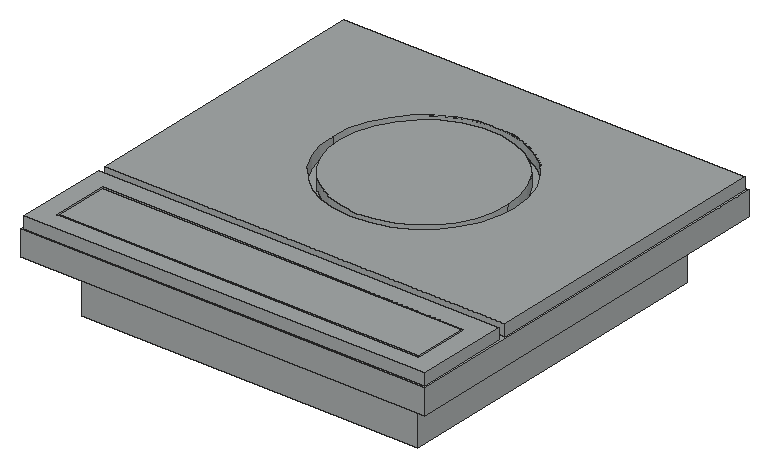
Revit family "Gira_5561000", category Electrical Fixtures, host Face, Revit 2017
Family settings
  Host = Face
  Maintain Annotation Orientation = Yes
  Round Connector Dimension = Use Diameter
  Part Type = Normal
  Cut with Voids When Loaded = No
  Shared = No
  Room Calculation Point = No
Parameters (values of type "Kameramodul System 106 G Schwarz")
  Werkstoff = "Stahlblech"
  URL = "http://katalog.gira.de/de_DE/datenblatt.html?artikelnr=5561000"
  Region = "DE"
  Name = "Kameramodul System 106 G Schwarz"
  Montageart = "Aufbau"
  Model = "Sys106_Abdeckung_Schalten und Tasten"
  Manufacturer URL = "https://www.gira.de/"
  Installationstechnik = "Bus-System"
  HeinzeBIM = "https://bimportal.heinze.de/bim/kameramodul-system-106-g-schwarz/8c9cbca24b4c6393f16c8968d82976cba36a8eef"
  HAN = "5561000"
  GTIN = "4010337022497"
  Farbe = "schwarz"
  Edelstahl [instance] = Edelstahl
  Default Elevation = 1219.2 mm
  Data sheet (1) = "https://katalog.gira.de/de_DE/download.html?artikelnr=5561000"
  Category = "Externe Kamera für Türkommunikation"
  Available = "Yes"
Reference planes
  plane 1 "Center (Front/Back)": y = 0
  plane 2 "Reference Level 0": z = 0
  plane 3 "Center (Left/Right)": x = 0
  plane 4 "Reference Level 1": z = 9.5
Forms (mm)
  Extrusion 1, solid, material "Edelstahl" <- "Edelstahl", detail levels coarse
    sketch origin (0, 0, 0) x (1, 0, 0) y (0, 1, 0)
      loop
        line (-53, 53) -> (-53, -53) -> (53, -53) -> (53, 53) -> (-53, 53)
    from -14.7 to 9.5
  Extrusion 2, solid, material "Edelstahl" <- "Edelstahl", detail levels fine
    sketch origin (0, 0, 0) x (1, 0, 0) y (0, 1, 0)
      loop
        line (52.5, -28) -> (-52.5, -28) -> (-52.5, -52.5) -> (52.5, -52.5) -> (52.5, -28)
      loop
        line (-47.5, -48) -> (47.5, -48) -> (47.5, -33) -> (-47.5, -33) -> (-47.5, -48)
    from 6.5 to 9.5
  Extrusion 3, solid, material "Edelstahl" <- "Edelstahl", detail levels fine
    sketch origin (0, 0, 0) x (1, 0, 0) y (0, 1, 0)
      loop
        line (-52.5, 52.5) -> (-52.5, -26) -> (52.5, -26) -> (52.5, 52.5) -> (-52.5, 52.5)
      loop
        circle (0, 13) r 24
    from 6.5 to 9.5
  Extrusion 4, solid, material "Edelstahl" <- "Edelstahl", detail levels medium+fine
    sketch origin (0, 0, 0) x (1, 0, 0) y (0, 1, 0)
      loop
        line (-53, 53) -> (-53, -53) -> (53, -53) -> (53, 53) -> (-53, 53)
    from 0 to 6.5
  Extrusion 5, solid, material "Edelstahl" <- "Edelstahl", detail levels fine
    sketch origin (0, 0, 0) x (1, 0, 0) y (0, 1, 0)
      loop
        line (-44, 44) -> (-44, -44) -> (44, -44) -> (44, 44) -> (-44, 44)
    from -14.7 to 0
  Extrusion 6, solid, material "Edelstahl" <- "Edelstahl", detail levels fine
    sketch origin (0, 0, 0) x (1, 0, 0) y (0, 1, 0)
      loop
        circle (0, 13) r 22
    from 6.5 to 9.5
  Extrusion 7, solid, material "Edelstahl" <- "Edelstahl", detail levels fine
    sketch origin (0, 0, 0) x (1, 0, 0) y (0, 1, 0)
      loop
        line (-47, -33.5) -> (-47, -47.5) -> (47, -47.5) -> (47, -33.5) -> (-47, -33.5)
    from 6.5 to 9.5
  Extrusion 8, solid, material "Edelstahl" <- "Edelstahl", detail levels medium
    sketch origin (0, 0, 0) x (1, 0, 0) y (0, 1, 0)
      loop
        line (-52.5, 52.5) -> (-52.5, -26) -> (52.5, -26) -> (52.5, 52.5) -> (-52.5, 52.5)
      loop
        line (-52.5, -28) -> (-52.5, -52.5) -> (52.5, -52.5) -> (52.5, -28) -> (-52.5, -28)
    from 6.5 to 9.5
  Extrusion 9, solid, material "Edelstahl" <- "Edelstahl", detail levels medium
    sketch origin (0, 0, 0) x (1, 0, 0) y (0, 1, 0)
      loop
        circle (0, 13) r 24
      loop
        line (-47.5, -33) -> (-47.5, -48) -> (47.5, -48) -> (47.5, -33) -> (-47.5, -33)
    from 6.5 to 9.5
Dimensions and locks
  aligned and locked: plane 2 "Reference Level 0" to host face
  aligned and locked: level to host face
  aligned and locked: Extrusion 4 to host face
  aligned and locked: Extrusion 4 to level
  aligned and locked: level to Extrusion 5
  aligned and locked: level to Extrusion 4
  aligned and locked: Extrusion 4 to plane 2 "Reference Level 0"
  aligned and locked: plane 2 "Reference Level 0" to Extrusion 5
  aligned and locked: plane 3 "Center (Left/Right)" to nested 1
  aligned and locked: plane 1 "Center (Front/Back)" to nested 1
Nested families
  nested 1: "Schalter" at (0, 0, 0), type "Schalter"
Connectors
  electrical at (0, 0, -14.7)
    settings: on Extrusion 5, index 1, voltage 220 V, apparent load 0 VA, apparent load phase1 0 VA, apparent load phase2 0 VA, apparent load phase3 0 VA, power factor 1, load classification "Other", number of poles 1, system type 30, power factor state 1, is connector primary yes, connector utility no, sub classification motor no, connector description ""
Definition of nested family "Schalter"
  Reference planes
    plane 1: y = 0
    plane 2: x = 0
  Lines and regions (mm)
    detail lines
      curve 1: circle (1.375, 2.778, 0) r 0.8 normal (0, 0, 1)
      curve 2: line (1.021, 2.061, 0) -> (0, 0, 0)
      curve 3: line (0, 0, 0) -> (-0.538, 0.266, 0)
  Dimensions and locks
    curve 2 to curve 2 = 2.3 mm
    curve 3 to curve 2 = 0.6 mm
    radius of curve 1 = 0.8 mm
